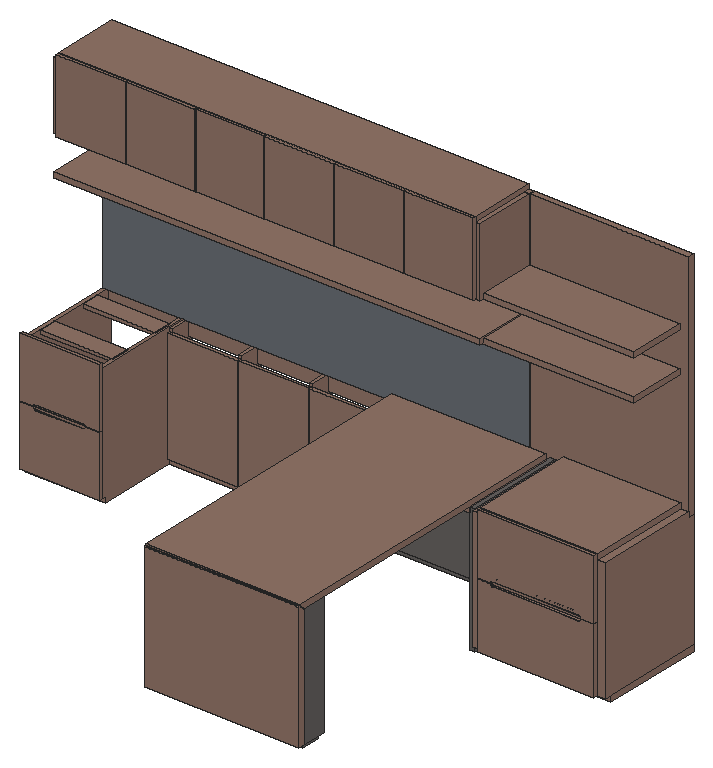
Revit family "OFS TYPICAL T100011", category Furniture, Revit 2022 (continued)
Definition of nested family "OFS SLATE OVERLAY WORK TABLE HEIGHT ADJUSTABLE Workwall"
  Forms (in)
    Revolve 17, solid, material <- "Feet", visible <- "Right"
      sketch origin (67.9375, 0, 0) x (0, -1, 0) y (0, 0, 1)
        loop
          arc (34.16895, 0) -> (34.29705, 0.10784) -> (34.21262, 0.25244) r 0.13
          line (34.21262, 0.25244) -> (34.21262, 0.45)
        axis (33.92395, 0) -> (33.92395, 0.45)
      angle from 0 to 360
    Revolve 18, solid, material <- "Feet", visible <- "Right"
      sketch origin (67.9375, 0, 0) x (0, -1, 0) y (0, 0, 1)
        loop
          line (3.20105, 0) -> (3.44605, 0)
          arc (3.44605, 0) -> (3.57415, 0.10784) -> (3.48973, 0.25244) r 0.13
          line (3.48973, 0.25244) -> (3.48973, 0.45) -> (3.20105, 0.45) -> (3.20105, 0)
        axis (3.20105, 0) -> (3.20105, 0.45)
      angle from 0 to 360
    Revolve 19, solid, material <- "Feet", visible <- "Right"
      sketch origin (22.5, 0, 0) x (0, -1, 0) y (0, 0, 1)
        loop
          line (0.59375, 0) -> (0.83875, 0)
          arc (0.83875, 0) -> (0.96685, 0.10784) -> (0.88243, 0.25244) r 0.13
          line (0.88243, 0.25244) -> (0.88243, 0.45) -> (0.59375, 0.45) -> (0.59375, 0)
        axis (0.59375, 0) -> (0.59375, 0.45)
      angle from 0 to 360
    Extrusion 20, solid, material <- "Worksurface", visible <- "Right"
      sketch origin (0, -36, 0) x (-1, 0, 0) y (0, 0, -1)
        loop
          line (-70.8125, -29.2) -> (-70.8125, -1.7) -> (-72, -1.7) -> (-72, -30.08658)
          arc (-72, -30.08658) -> (-71.92305, -30.20173) -> (-71.78722, -30.17472) r 0.12464
          line (-71.78722, -30.17472) -> (-70.8125, -29.2)
      from 0 to -34.8125
    Revolve 21, solid, material <- "Feet", visible <- "Right"
      sketch origin (2.5, 0, 0) x (0, 1, 0) y (0, 0, 1)
        loop
          line (-2.71381, 0) -> (-2.71381, 0.45) -> (-3.00248, 0.45) -> (-3.00248, 0.25244)
          arc (-3.00248, 0.25244) -> (-3.0869, 0.10784) -> (-2.95881, 0) r 0.13
          line (-2.95881, 0) -> (-2.71381, 0)
        axis (-2.71381, 0) -> (-2.71381, 0.45)
      angle from 0 to 360
    Revolve 22, solid, material <- "Feet", visible <- "Right"
      sketch origin (2.5, 0, 0) x (0, 1, 0) y (0, 0, 1)
        loop
          line (-34.76237, 0.45) -> (-34.76237, 0.25244)
          arc (-34.76237, 0.25244) -> (-34.84679, 0.10784) -> (-34.71869, 0) r 0.13
          line (-34.71869, 0) -> (-34.47369, 0) -> (-34.47369, 0.45) -> (-34.76237, 0.45)
        axis (-34.47369, 0) -> (-34.47369, 0.45)
      angle from 0 to 360
    Extrusion 23, solid, material <- "Panel", visible <- "Right"
      sketch origin (0, 0, 0.45) x (1, 0, 0) y (0, 1, 0)
        loop
          line (24, 0) -> (0, 0) -> (0, -1.1875) -> (24, -1.1875) -> (24, 0)
      from 0 to 28.75
    Extrusion 24, solid, material <- "Panel", visible <- "Right"
      sketch origin (0, -36, 0) x (-1, 0, 0) y (0, 0, -1)
        loop
          line (-0.75, -28.0125) -> (0, -28.0125) -> (0, -24.7625) -> (-0.75, -24.7625) -> (-0.75, -28.0125)
      from -0.75 to -34.0625
    Extrusion 25, solid, material <- "Panel", visible <- "Right"
      sketch origin (0, -36, 0) x (-1, 0, 0) y (0, 0, -1)
        loop
          line (-5.74928, -27.26248) -> (-5, -27.26248) -> (-5, -1.7) -> (-5.74928, -1.7) -> (-5.74928, -27.26248)
      from -0.0625 to -34.8125
    Extrusion 26, solid, material <- "Worksurface", visible <- "Right"
      sketch origin (0, -36, 0) x (-1, 0, 0) y (0, 0, -1)
        loop
          line (-24, -29.2) -> (-2.5, -29.2) -> (-2.5, -28.0125) -> (-24, -28.0125) -> (-24, -29.2)
      from 0 to -34.8125
    Extrusion 27, solid, material <- "Panel", visible <- "Right"
      sketch origin (0, 0, 1.7) x (1, 0, 0) y (0, 1, 0)
        loop
          line (5, -1.9375) -> (5, -1.1875) -> (0, -1.1875) -> (0, -1.9375) -> (5, -1.9375)
        loop
          line (5, -35.25) -> (0, -35.25) -> (0, -36) -> (5, -36) -> (5, -35.25)
      from 0.25 to 26.3125
    Extrusion 28, solid, material <- "Panel", visible <- "Right"
      sketch origin (0, 0, 1.7) x (1, 0, 0) y (0, 1, 0)
        loop
          line (65.8125, -1.9375) -> (65.0625, -1.9375) -> (65.0625, -35.1875) -> (65.8125, -35.1875) -> (65.8125, -1.9375)
        loop
          line (70.0625, -1.9375) -> (70.0625, -35.1875) -> (70.8125, -35.1875) -> (70.8125, -1.9375) -> (70.0625, -1.9375)
      from 0 to 27.5
    Extrusion 29, solid, material <- "Panel", visible <- "Right"
      sketch origin (0, 0, 1.7) x (1, 0, 0) y (0, 1, 0)
        loop
          line (70.8125, -1.1875) -> (65.0625, -1.1875) -> (65.0625, -1.9375) -> (70.8125, -1.9375) -> (70.8125, -1.1875)
        loop
          line (70.8125, -35.9375) -> (70.8125, -35.1875) -> (65.0625, -35.1875) -> (65.0625, -35.9375) -> (70.8125, -35.9375)
      from 0 to 27.5
    Extrusion 30, solid, material <- "Worksurface", visible <- "Right"
      sketch origin (0, -36, 0) x (-1, 0, 0) y (0, 0, -1)
        loop
          line (-2.5, -30.3875) -> (-2.5, -29.2) -> (-70.8125, -29.2) -> (-71.78625, -30.17375)
          arc (-71.78625, -30.17375) -> (-71.8134, -30.3102) -> (-71.69771, -30.3875) r 0.12521
          line (-71.69771, -30.3875) -> (-2.5, -30.3875)
      from 0 to -34.8125
    Extrusion 31, solid, material <- "Panel", visible <- "Right"
      sketch origin (0, 0, 0.45) x (1, 0, 0) y (0, 1, 0)
        loop
          line (5, -1.1875) -> (0, -1.1875) -> (0, -36) -> (5, -36) -> (5, -1.1875)
      from 0 to 1.5
    Extrusion 32, solid, material <- "Panel", visible <- "Right"
      sketch origin (0, 0, 0.45) x (1, 0, 0) y (0, 1, 0)
        loop
          line (70.0625, -1.9375) -> (65.8125, -1.9375) -> (65.8125, -35.1875) -> (70.0625, -35.1875) -> (70.0625, -1.9375)
      from 0 to 1.25
  Lines and regions (in)
    Masking region 1, visible <- "Left"
      outline origin (0, 0, 0) x (1, 0, 0) y (0, 1, 0)
        loop
          line (-72, -36) -> (0, -36) -> (0, 0) -> (-24, 0) -> (-24, -1.1875) -> (-72, -1.1875) -> (-72, -36)
    Masking region 2, visible <- "Right"
      outline origin (0, 0, 0) x (0, 1, 0) y (-1, 0, 0)
        loop
          line (-36, -72) -> (-1.1875, -72) -> (-1.1875, -24) -> (0, -24) -> (0, 0) -> (-36, 0) -> (-36, -72)
    symbolic lines, visible <- "Left", detail levels medium+fine
      curve 1: line (-24, -1.1875, 0) -> (0, -1.1875, 0)
    symbolic lines, visible <- "Right", detail levels medium+fine
      curve 2: line (24, -1.1875, 0) -> (0, -1.1875, 0)
  Dimensions and locks (in)
    "Width": plane 7 to plane 3 "Center (Left/Right)"
    equal spacing: plane 7, plane 9, plane 3 "Center (Left/Right)"
    "Width": plane 3 "Center (Left/Right)" to plane 8
    equal spacing: plane 3 "Center (Left/Right)", plane 10, plane 8
    "Depth": plane 6 "Front Face" to plane 1 "Center (Front/Back)"
    locked: plane 6 "Front Face" to plane 23 at 0.8125
    plane 7 to plane 14 "Left Side Base L" to plane 21 = 0' - 4 1/16" locked, 0' - 2 7/8" locked
    plane 22 to plane 15 "Right Side Base R" to plane 8 = 0' - 2 7/8" locked, 0' - 4 1/16" locked
    locked: plane 11 to plane 20 at 1.1875
    locked: plane 20 to Extrusion 8 sketch curve at 1.1875
    locked: plane 20 to Extrusion 26 sketch curve at 1.1875
    aligned and locked: level to plane 2
    aligned and locked: Extrusion 1 sketch curve to plane 7
    aligned and locked: plane 6 "Front Face" to Extrusion 1
    aligned and locked: plane 5 to Extrusion 1
    aligned and locked: Extrusion 2 sketch curve to plane 5
    aligned and locked: Extrusion 2 sketch curve to plane 21
    aligned and locked: plane 21 to Extrusion 2 sketch curve
    aligned and locked: plane 24 to Extrusion 2 sketch curve
    aligned and locked: Extrusion 2 sketch curve to plane 23
    aligned and locked: plane 24 to Extrusion 3 sketch curve
    aligned and locked: Extrusion 3 sketch curve to plane 24
    aligned and locked: Extrusion 3 sketch curve to plane 21
    aligned and locked: plane 23 to Extrusion 3 sketch curve
    aligned and locked: Extrusion 3 sketch curve to plane 23
    aligned and locked: Extrusion 2 to plane 12 "Base 2"
    aligned and locked: plane 20 to Extrusion 2
    aligned and locked: Extrusion 3 to plane 12 "Base 2"
    aligned and locked: plane 20 to Extrusion 3
    aligned and locked: Extrusion 4 sketch curve to plane 24
    aligned and locked: Extrusion 4 sketch curve to plane 23
    aligned and locked: plane 12 "Base 2" to Extrusion 4
    aligned and locked: Extrusion 4 to plane 13 "Base 1"
    aligned and locked: Revolve 6 sketch curve to plane 13 "Base 1"
    aligned and locked: plane 2 to Revolve 6 sketch curve
    aligned and locked: plane 5 to Extrusion 7 sketch curve
    aligned and locked: plane 1 "Center (Front/Back)" to Extrusion 7 sketch curve
    aligned and locked: Extrusion 7 sketch curve to plane 3 "Center (Left/Right)"
    aligned and locked: Extrusion 7 to plane 13 "Base 1"
    aligned and locked: Extrusion 8 sketch curve to plane 20
    aligned and locked: Extrusion 9 to plane 6 "Front Face"
    aligned and locked: plane 5 to Extrusion 9
    aligned and locked: Revolve 11 sketch curve to plane 13 "Base 1"
    aligned and locked: plane 2 to Revolve 11 sketch curve
    aligned and locked: plane 13 "Base 1" to Revolve 12 sketch curve
    aligned and locked: Revolve 12 sketch curve to plane 2
    aligned and locked: Extrusion 13 sketch curve to plane 3 "Center (Left/Right)"
    aligned and locked: Extrusion 13 sketch curve to plane 6 "Front Face"
    aligned and locked: Extrusion 13 sketch curve to plane 24
    aligned and locked: plane 3 "Center (Left/Right)" to Extrusion 13 sketch curve
    aligned and locked: plane 5 to Extrusion 13 sketch curve
    aligned and locked: plane 12 "Base 2" to Extrusion 14 sketch curve
    aligned and locked: plane 5 to Extrusion 14
    aligned and locked: Extrusion 15 sketch curve to plane 3 "Center (Left/Right)"
    aligned and locked: plane 24 to Extrusion 15
    aligned and locked: Extrusion 16 sketch curve to plane 5
    aligned and locked: Extrusion 16 sketch curve to plane 3 "Center (Left/Right)"
    aligned and locked: Extrusion 16 sketch curve to plane 6 "Front Face"
    aligned and locked: Extrusion 16 to plane 13 "Base 1"
    aligned and locked: plane 7 to Masking region 1 sketch curve
    aligned and locked: plane 6 "Front Face" to Masking region 1 sketch curve
    aligned and locked: plane 3 "Center (Left/Right)" to Masking region 1 sketch curve
    aligned and locked: plane 5 to Masking region 1 sketch curve
    aligned and locked: Masking region 1 sketch curve to plane 1 "Center (Front/Back)"
    aligned and locked: Masking region 1 sketch curve to Extrusion 7
    aligned and locked: Extrusion 7 to curve 1
    aligned and locked: plane 3 "Center (Left/Right)" to curve 1
    aligned and locked: curve 1 to plane 5
    aligned and locked: nested 1 to plane 6 "Front Face"
    aligned and locked: plane 9 to nested 1
    aligned and locked: plane 3 "Center (Left/Right)" to Masking region 2 sketch curve
    aligned and locked: Masking region 2 sketch curve to plane 6 "Front Face"
    aligned and locked: Masking region 2 sketch curve to plane 8
    aligned and locked: Masking region 2 sketch curve to plane 5
    aligned and locked: plane 1 "Center (Front/Back)" to Masking region 2 sketch curve
    aligned and locked: plane 8 to Extrusion 20 sketch curve
    aligned and locked: plane 12 "Base 2" to Extrusion 20 sketch curve
    aligned and locked: plane 20 to Extrusion 20 sketch curve
    aligned and locked: plane 6 "Front Face" to Extrusion 20
    aligned and locked: plane 5 to Extrusion 20
    aligned and locked: Extrusion 23 sketch curve to plane 3 "Center (Left/Right)"
    aligned and locked: Extrusion 23 sketch curve to plane 5
    aligned and locked: Extrusion 23 sketch curve to plane 1 "Center (Front/Back)"
    aligned and locked: plane 24 to Extrusion 24
    aligned and locked: Extrusion 24 to Extrusion 13
    aligned and locked: Extrusion 15 to Extrusion 13
    aligned and locked: plane 5 to Extrusion 25
    aligned and locked: Extrusion 14 to Extrusion 25
    aligned and locked: plane 5 to Extrusion 26
    aligned and locked: plane 6 "Front Face" to Extrusion 26
    aligned and locked: Extrusion 26 to Extrusion 23
    aligned and locked: plane 3 "Center (Left/Right)" to Extrusion 27 sketch curve
    aligned and locked: Extrusion 27 sketch curve to Extrusion 25  (x2)
    aligned and locked: Extrusion 27 sketch curve to plane 5
    aligned and locked: plane 24 to Extrusion 27 sketch curve
    aligned and locked: Extrusion 27 sketch curve to plane 3 "Center (Left/Right)"
    aligned and locked: plane 6 "Front Face" to Extrusion 27 sketch curve
    aligned and locked: Extrusion 28 sketch curve to plane 24
    aligned and locked: plane 24 to Extrusion 28 sketch curve
    aligned and locked: plane 22 to Extrusion 28 sketch curve
    aligned and locked: Extrusion 20 to Extrusion 28 sketch curve
    aligned and locked: plane 23 to Extrusion 28 sketch curve
    aligned and locked: Extrusion 28 sketch curve to plane 23
    aligned and locked: plane 5 to Extrusion 29 sketch curve
    aligned and locked: Extrusion 29 sketch curve to plane 24
    aligned and locked: plane 23 to Extrusion 29 sketch curve
    aligned and locked: Extrusion 29 sketch curve to Extrusion 28
    aligned and locked: Extrusion 29 sketch curve to plane 22
    aligned and locked: plane 22 to Extrusion 29 sketch curve
    aligned and locked: plane 11 to Extrusion 30 sketch curve
    aligned and locked: plane 20 to Extrusion 30 sketch curve
    aligned and locked: Extrusion 9 to plane 11
    aligned and locked: Extrusion 9 to plane 20
    aligned and locked: Extrusion 9 to Extrusion 1
    aligned and locked: Extrusion 27 to Extrusion 26
    aligned and locked: plane 20 to Extrusion 29
    aligned and locked: plane 20 to Extrusion 28
    aligned and locked: Extrusion 9 sketch curve to plane 11
    aligned and locked: plane 20 to Extrusion 9 sketch curve
    aligned and locked: plane 20 to Extrusion 7
    aligned and locked: plane 20 to Extrusion 23
    aligned and locked: plane 5 to Extrusion 31 sketch curve
    aligned and locked: plane 6 "Front Face" to Extrusion 31 sketch curve
    aligned and locked: Extrusion 31 sketch curve to plane 3 "Center (Left/Right)"
    aligned and locked: plane 24 to Extrusion 32 sketch curve
    aligned and locked: plane 23 to Extrusion 32 sketch curve
    aligned and locked: plane 12 "Base 2" to Extrusion 32
    aligned and locked: plane 10 to nested 2
    aligned and locked: plane 6 "Front Face" to nested 2
    aligned and locked: Extrusion 23 to plane 5
    aligned and locked: curve 2 to Extrusion 23
    aligned and locked: Extrusion 23 to plane 1 "Center (Front/Back)"
    aligned and locked: plane 5 to Masking region 2
    aligned and locked: plane 6 "Front Face" to Masking region 2
    aligned and locked: Extrusion 30 to plane 17 "LLO"
    aligned and locked: Extrusion 9 to plane 16 "RLO"
    aligned and locked: Extrusion 8 to plane 16 "RLO"
    aligned and locked: plane 5 to Extrusion 30
  Automatic sketch dimensions
    Extrusion 3 sketch curve to plane 21 = 0' - 0 3/4"
    Extrusion 3 sketch curve to plane 7 = 0' - 1 15/16"
    Extrusion 3 sketch curve to Extrusion 3 sketch curve = 0' - 0 3/4"
    Extrusion 4 sketch curve to plane 21 = 0' - 0 3/4"
    Extrusion 4 sketch curve to plane 7 = 0' - 1 15/16"
    plane 18 "RLI" to Extrusion 7 sketch curve = 0' - 1 1/2"
    plane 18 "RLI" to Extrusion 8 sketch curve = 0' - 1 1/2"
    plane 16 "RLO" to Extrusion 16 sketch curve = 0' - 2 1/2"
    Extrusion 31 sketch curve to plane 17 "LLO" = 0' - 2 1/2"
    plane 22 to Extrusion 32 sketch curve = 0' - 0 3/4"
    plane 8 to Extrusion 32 sketch curve = 0' - 1 15/16"
    Extrusion 1 sketch curve to plane 12 "Base 2" = 0' - 0"
    Extrusion 1 sketch curve to plane 20 = 0' - 0"
    Extrusion 1 sketch curve to Extrusion 1 sketch curve = 0' - 0.12464"
    Extrusion 1 sketch curve to Extrusion 1 sketch curve = 0' - 0.08814"
    Extrusion 1 sketch curve to plane 7 = 0' - 1 3/16"
    plane 11 to Extrusion 1 sketch curve = 0' - 0.30092"
    Extrusion 2 sketch curve to plane 7 = 0' - 1 3/16"  (x2)
    Extrusion 2 sketch curve to plane 6 "Front Face" = 0' - 0 1/16"
    Revolve 5 sketch curve to plane 13 "Base 1" = 0' - 0"  (x2)
    Revolve 5 sketch curve to level = 0' - 0"  (x2)
    Revolve 5 sketch curve to plane 23 = 0' - 1.26355"
    level to Revolve 5 sketch curve = 0' - 0.13"
    Revolve 5 sketch curve to Revolve 5 sketch curve = 0' - 0.245"
    Revolve 5 sketch curve to Revolve 5 sketch curve = 0' - 0.28868"
    Revolve 5 sketch curve to Revolve 5 sketch curve = 0' - 0"
    Revolve 6 sketch curve to level = 0' - 0"
    Revolve 6 sketch curve to plane 13 "Base 1" = 0' - 0"
    Revolve 6 sketch curve to plane 24 = 0' - 1.26355"
    level to Revolve 6 sketch curve = 0' - 0.13"
    Revolve 6 sketch curve to Revolve 6 sketch curve = 0' - 0.245"
    Revolve 6 sketch curve to Revolve 6 sketch curve = 0' - 0.28868"
    Revolve 6 sketch curve to Revolve 6 sketch curve = 0' - 0"
    Extrusion 9 sketch curve to plane 7 = 0' - 1 3/16"
    Extrusion 9 sketch curve to plane 7 = 0' - 0.30229"
    Extrusion 9 sketch curve to Extrusion 9 sketch curve = 0' - 0.08854"
    plane 11 to Extrusion 9 sketch curve = 0' - 0.21375"
    Revolve 10 sketch curve to level = 0' - 0"  (x2)
    Revolve 10 sketch curve to plane 13 "Base 1" = 0' - 0"  (x2)
    plane 1 "Center (Front/Back)" to Revolve 10 sketch curve = 0' - 0 19/32"
    level to Revolve 10 sketch curve = 0' - 0.13"
    Revolve 10 sketch curve to Revolve 10 sketch curve = 0' - 0.245"
    Revolve 10 sketch curve to Revolve 10 sketch curve = 0' - 0.28868"
    Revolve 10 sketch curve to Revolve 10 sketch curve = 0' - 0"
    Revolve 11 sketch curve to level = 0' - 0"
    Revolve 11 sketch curve to plane 13 "Base 1" = 0' - 0"
    Revolve 11 sketch curve to plane 24 = 0' - 0.77631"
    level to Revolve 11 sketch curve = 0' - 0.13"
    Revolve 11 sketch curve to Revolve 11 sketch curve = 0' - 0.245"
    Revolve 11 sketch curve to Revolve 11 sketch curve = 0' - 0.28868"
    Revolve 11 sketch curve to Revolve 11 sketch curve = 0' - 0"
    Revolve 12 sketch curve to plane 13 "Base 1" = 0' - 0"
    Revolve 12 sketch curve to level = 0' - 0"
    Revolve 12 sketch curve to plane 23 = 0' - 0.71381"
    level to Revolve 12 sketch curve = 0' - 0.13"
    Revolve 12 sketch curve to Revolve 12 sketch curve = 0' - 0.245"
    Revolve 12 sketch curve to Revolve 12 sketch curve = 0' - 0.28868"
    Revolve 12 sketch curve to Revolve 12 sketch curve = 0' - 0"
    plane 16 "RLO" to Extrusion 13 sketch curve = 0' - 2 1/2"  (x2)
    plane 23 to Extrusion 13 sketch curve = 0' - 0 1/16"
    plane 16 "RLO" to Extrusion 14 sketch curve = 0' - 3.24928"
    Extrusion 14 sketch curve to Extrusion 14 sketch curve = 0' - 0.74928"
    Extrusion 14 sketch curve to plane 20 = 0' - 1.93752"
    Extrusion 15 sketch curve to plane 3 "Center (Left/Right)" = 0' - 0 3/4"
    Extrusion 15 sketch curve to plane 20 = 0' - 4 7/16"
    Extrusion 15 sketch curve to plane 20 = 0' - 1 3/16"
    Revolve 17 sketch curve to plane 13 "Base 1" = 0' - 0"  (x2)
    Revolve 17 sketch curve to level = 0' - 0"  (x2)
    plane 23 to Revolve 17 sketch curve = 0' - 1.26355"
    Revolve 17 sketch curve to level = 0' - 0.13"
    Revolve 17 sketch curve to Revolve 17 sketch curve = 0' - 0.245"
    Revolve 17 sketch curve to Revolve 17 sketch curve = 0' - 0.28868"
    Revolve 17 sketch curve to Revolve 17 sketch curve = 0' - 0"
    Revolve 18 sketch curve to level = 0' - 0"  (x2)
    Revolve 18 sketch curve to plane 13 "Base 1" = 0' - 0"  (x2)
    plane 24 to Revolve 18 sketch curve = 0' - 1.26355"
    Revolve 18 sketch curve to level = 0' - 0.13"
    Revolve 18 sketch curve to Revolve 18 sketch curve = 0' - 0.245"
    Revolve 18 sketch curve to Revolve 18 sketch curve = 0' - 0.28868"
    Revolve 18 sketch curve to Revolve 18 sketch curve = 0' - 0"
    Revolve 19 sketch curve to level = 0' - 0"  (x2)
    Revolve 19 sketch curve to plane 13 "Base 1" = 0' - 0"  (x2)
    plane 1 "Center (Front/Back)" to Revolve 19 sketch curve = 0' - 0 19/32"
    level to Revolve 19 sketch curve = 0' - 0.13"
    Revolve 19 sketch curve to Revolve 19 sketch curve = 0' - 0.245"
    Revolve 19 sketch curve to Revolve 19 sketch curve = 0' - 0.28868"
    Revolve 19 sketch curve to Revolve 19 sketch curve = 0' - 0"
    Masking region 2 sketch curve to plane 19 "LLI" = 0' - 1 1/2"
    Extrusion 20 sketch curve to Extrusion 20 sketch curve = 0' - 0.12464"
    Extrusion 20 sketch curve to Extrusion 20 sketch curve = 0' - 0.08814"
    Extrusion 20 sketch curve to Extrusion 20 sketch curve = 0' - 1 3/16"
    Extrusion 20 sketch curve to plane 11 = 0' - 0.30092"
    Revolve 21 sketch curve to plane 13 "Base 1" = 0' - 0"  (x2)
    Revolve 21 sketch curve to level = 0' - 0"  (x2)
    Revolve 21 sketch curve to plane 24 = 0' - 1.06498"
    Revolve 21 sketch curve to Revolve 21 sketch curve = 0' - 0.04367"
    Revolve 21 sketch curve to Revolve 21 sketch curve = 0' - 0.28868"
    Revolve 21 sketch curve to Revolve 21 sketch curve = 0' - 0.13"
    Revolve 21 sketch curve to Revolve 21 sketch curve = 0' - 0"
    Revolve 22 sketch curve to plane 13 "Base 1" = 0' - 0"  (x2)
    Revolve 22 sketch curve to level = 0' - 0"  (x2)
    Revolve 22 sketch curve to plane 23 = 0' - 0.42513"
    Revolve 22 sketch curve to Revolve 22 sketch curve = 0' - 0.04368"
    Revolve 22 sketch curve to Revolve 22 sketch curve = 0' - 0.245"
    level to Revolve 22 sketch curve = 0' - 0.13"
    Revolve 22 sketch curve to Revolve 22 sketch curve = 0' - 0"
    plane 19 "LLI" to Extrusion 23 sketch curve = 0' - 1 1/2"
    Extrusion 24 sketch curve to plane 3 "Center (Left/Right)" = 0' - 0"
    Extrusion 24 sketch curve to plane 3 "Center (Left/Right)" = 0' - 0 3/4"
    plane 20 to Extrusion 24 sketch curve = 0' - 4 7/16"
    plane 20 to Extrusion 24 sketch curve = 0' - 1 3/16"
    Extrusion 25 sketch curve to plane 12 "Base 2" = 0' - 0"
    Extrusion 25 sketch curve to plane 17 "LLO" = 0' - 3.24928"
    Extrusion 25 sketch curve to Extrusion 25 sketch curve = 0' - 0.74928"
    plane 20 to Extrusion 25 sketch curve = 0' - 1.93752"
    Extrusion 26 sketch curve to plane 20 = 0' - 0"
    Extrusion 26 sketch curve to plane 3 "Center (Left/Right)" = 0' - 2 1/2"
    plane 19 "LLI" to Extrusion 26 sketch curve = 0' - 1 1/2"
    Extrusion 27 sketch curve to plane 23 = 0' - 0 1/16"
    Extrusion 28 sketch curve to Extrusion 28 sketch curve = 0' - 0 3/4"  (x2)
    plane 8 to Extrusion 29 sketch curve = 0' - 1 3/16"
    plane 6 "Front Face" to Extrusion 29 sketch curve = 0' - 0 1/16"
    plane 8 to Extrusion 30 sketch curve = 0' - 1 3/16"
    plane 8 to Extrusion 30 sketch curve = 0' - 0.30229"
    Extrusion 30 sketch curve to Extrusion 30 sketch curve = 0' - 0.08854"
    Extrusion 30 sketch curve to plane 11 = 0' - 0.21375"
    Extrusion 30 sketch curve to plane 3 "Center (Left/Right)" = 0' - 2 1/2"
    Extrusion 9 sketch curve to plane 16 "RLO" = 0' - 0"
    Extrusion 8 sketch curve to plane 3 "Center (Left/Right)" = 0' - 2 1/2"
  Nested families (in)
    nested 1: "Tag" at (-36, -36, 0) x (-1, 0, 0) z (0, 0, 1), visible <- "Left", type "Center", detail levels fine
      with Offset (LR) 0' - 0", Distance of Center (not Change) 0' - 0.11"
    nested 2: "Tag" at (36, -36, 0), visible <- "Right", type "Center", detail levels fine
      with Offset (LR) 0' - 0", Distance of Center (not Change) 0' - 0.11"
  Definition of nested family "Tag"
    Parameters
      P_Width = 0' - 0"
      Text_Width = "Empty"
      Text_Height = "Empty"
      Text_Diameter = "Empty"
      Text_Depth = "Empty"
      Offset (LR) [instance] = 0' - 0"
      Model Name = "EK-7168-E"
      P_Height = 0' - 0"
      Distance of Center (not Change) = 0' - 0"
      P_Diameter = 0' - 0"
      P_Depth = 0' - 0"
    Reference planes (in)
      plane 1: y = 0
      plane 2: x = 0
    Lines and regions (in)
      reference lines
        curve 1: line (-0.44359, 0, 0) -> (0.41085, 0, 0)
        curve 3: line (0, 0.32564, 0) -> (0, -0.40221, 0)
      reference lines, not visible
        curve 2: line (-0.44359, 0.09843, 0) -> (0.41085, 0.09843, 0)
        curve 4: line (0, 0.42407, 0) -> (0, -0.30379, 0)
    Text (in)
      label "Empty" at (0.00197, -0.0079, 0), shows "Model Name"
      label "Empty" at (0.00197, 0.09052, 0), shows "Model Name", not visible
    Dimensions and locks (in)
      "Distance of Center (not Change)": plane 1 to curve 1
      "Offset (LR)": curve 3 to plane 2
    Automatic sketch dimensions
      curve 1 to curve 3 = 0' - 0.44359"
      curve 3 to curve 1 = 0' - 0.41085"
      curve 3 to curve 1 = 0' - 0.40221"
      curve 1 to curve 3 = 0' - 0.32564"
      curve 2 to curve 4 = 0' - 0.44359"
      curve 4 to curve 2 = 0' - 0.41085"
      curve 4 to curve 2 = 0' - 0.40221"
      curve 2 to curve 4 = 0' - 0.32564"
